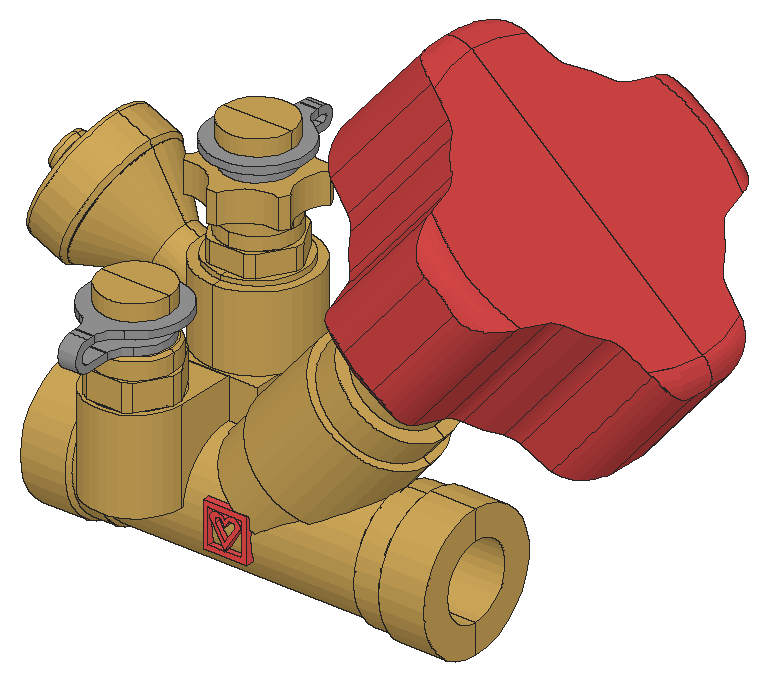
Revit family "Strangregulierventil mit Messblende 4017 ML", category Rohrzubehör, Revit 2019
Family settings
  Bemaßung runder Anschluss = Durchmesser verwenden
  Teiletyp = Unterbricht
  OmniClass-Nummer = 23.65.55.14
  OmniClass-Titel = Valves for Liquid Services
  Arbeitsebenenbasiert = Nein
  Immer vertikal = Ja
  Beim Laden mit Abzugskörper schneiden = Nein
  Gemeinsam genutzt = Nein
Parameters
  kvs-Wert [instance] = if(Nennweite = 15.000 mm, 2, if(Nennweite = 20.000 mm, 3.6, if(Nennweite = 25.000 mm, 6.5, if(Nennweite = 32.000 mm, 13.3, if(Nennweite = 40.000 mm, 18.5, if(Nennweite = 50.000 mm, 33, 0))))))  # 2
  kv-Wert der Blende [instance] = if(Nennweite = 15.000 mm, 1.95, if(Nennweite = 20.000 mm, 3.95, if(Nennweite = 25.000 mm, 7.9, if(Nennweite = 32.000 mm, 15.75, if(Nennweite = 40.000 mm, 21.5, if(Nennweite = 50.000 mm, 46.7, 0))))))  # 1.95
  W01 = 50.00°  # constant formula
  URL = "www.herz-armaturen.at"
  SW01 = 60.00°  # constant formula
  SCRNSEQ = "ARM;ARM_TYP=\"STRV\";2"
  SCRNCODE = "05;07;02"  # constant formula
  S03 = 60.000 mm  # constant formula
  S02 [instance] = L04 + L06 + L07  # 76.800 mm
  S01 [instance] = D01 * 2  # 27.000 mm
  R03 = 21.500 mm  # constant formula
  R02 = 9.500 mm  # constant formula
  R01 = 12.000 mm  # constant formula
  Medium = "Heizwasserqualität entsprechend ÖNORM H 5195 bzw. VDI-Richtlinie 2035"
  L10 [instance] = size_lookup("4017_ML_", "L10", 1.000 mm, Nennweite)  # 28.500 mm
  L09 [instance] = size_lookup("4017_ML_", "L9", 1.000 mm, Nennweite)  # 22.500 mm
  L08 [instance] = size_lookup("4017_ML_", "L8", 1.000 mm, Nennweite)  # 12.700 mm
  L07 [instance] = size_lookup("4017_ML_", "L7", 1.000 mm, Nennweite)  # 35.100 mm
  L06 [instance] = size_lookup("4017_ML_", "L6", 1.000 mm, Nennweite)  # 6.500 mm
  L05 [instance] = size_lookup("4017_ML_", "L5", 1.000 mm, Nennweite)  # 20.200 mm
  L04 [instance] = size_lookup("4017_ML_", "L4", 1.000 mm, Nennweite)  # 35.200 mm
  L03 [instance] = size_lookup("4017_ML_", "L3", 1.000 mm, Nennweite)  # 1.000 mm
  H03 [instance] = H01 - 19.000 mm  # 1.000 mm
  H02 = 13.000 mm  # constant formula
  Gehäuse = "entzinkungsbeständigem Messing"  # constant formula
  E01 [instance] = L00 / -2  # -41.500 mm
  E00 = 0.000 mm  # constant formula
  D09 [instance] = size_lookup("4017_ML_", "D9", 1.000 mm, Nennweite)  # 11.750 mm
  D08 [instance] = size_lookup("4017_ML_", "D8", 1.000 mm, Nennweite)  # 9.500 mm
  D07 [instance] = size_lookup("4017_ML_", "D7", 1.000 mm, Nennweite)  # 12.000 mm
  D06 [instance] = size_lookup("4017_ML_", "D6", 1.000 mm, Nennweite)  # 13.500 mm
  D05 [instance] = size_lookup("4017_ML_", "D5", 1.000 mm, Nennweite)  # 12.500 mm
  D04 [instance] = Nennweite / 2  # 7.500 mm
  IG [instance] = Nennweite / 2  # 7.500 mm
  D03 [instance] = size_lookup("4017_ML_", "D3", 1.000 mm, Nennweite)  # 11.900 mm
  D02 [instance] = size_lookup("4017_ML_", "D2", 1.000 mm, Nennweite)  # 12.700 mm
  D01 [instance] = size_lookup("4017_ML_", "D1", 1.000 mm, Nennweite)  # 13.500 mm
  Nennweite [instance] = 15.000 mm
  Max. Differenzdruck bei geschlossenen Sitz = 1000000.0 Pa  # constant formula
  Max. Betriebstemperatur = 130 °C  # constant formula
  Max. Betriebsdruck = 2000000.0 Pa  # constant formula
  L02 [instance] = size_lookup("4017_ML_", "L2", 1.000 mm, Nennweite)  # 5.000 mm
  L01 [instance] = size_lookup("4017_ML_", "L1", 1.000 mm, Nennweite)  # 9.250 mm
  L00 [instance] = size_lookup("4017_ML_", "L", 1.000 mm, Nennweite)  # 83.000 mm
  Hersteller = "HERZ Armaturen Ges.m.b.H."  # constant formula
  H01 [instance] = size_lookup("4017_ML_", "H1", 1.000 mm, Nennweite)  # 20.000 mm
  GT [instance] = size_lookup("4017_ML_", "GT", 1.000 mm, Nennweite)  # 13.200 mm
  DN50 [instance] = Nennweite = 50.000 mm  # no
  DN40 [instance] = Nennweite = 40.000 mm  # no
  DN32 [instance] = Nennweite = 32.000 mm  # no
  DN25 [instance] = Nennweite = 25.000 mm  # no
  DN20 [instance] = Nennweite = 20.000 mm  # no
  DN15 [instance] = Nennweite = 15.000 mm  # yes
  Bestellnummer [instance] = size_lookup("4017_ML_", "Artnr", 0, Nennweite)  # 1401731
  Ausführung = "STRÖMAX 4017 ML, Strangregulierventil mit Messblende und Impulsleitungsanschluss für Differenzdruckmessung in Schrägsitzform, mit Messventilen\r\nGelbe Ausführung aus entzinkungsbeständigen Messing, Muffe x Muffe, Spindelabdichtung mit Dreifach-O-Ring, Voreinstellung durch Hubbegrenzung, digitale Anzeige der Voreinstellstufe im Handradfenster."
  Anwendungsgebiet = "Zum hydraulischen Abgleich in Heiz- oder Kühlanlagen, Einregulieren von Verteilleitungen, Strängen, Wärmetauschern,\r\nHeiz- und Kühlregistern."
Reference planes
  plane 1 "Mitte (Vorne/hinten)": y = 0
  plane 2: z = 0
  plane 3 "Mitte (Links/rechts)": x = 0
Forms (mm)
  Revolve 1, solid, material "Messing, weicher Gelbton, geschweißt", detail levels fine
    sketch origin (470, 0, 0) x (1, 0, 0) y (0, 0, 1)
      loop
        line (-511.5, 7.5) -> (-498.3, 7.5) -> (-498.3, 0) -> (-441.7, 0) -> (-441.7, 7.5) -> (-428.5, 7.5) -> (-428.5, 13.5) -> (-437.75, 13.5) -> (-438.421, 12.7) -> (-443.421, 12.7) -> (-444.093, 11.9) -> (-495.907, 11.9) -> (-496.579, 12.7) -> (-501.579, 12.7) -> (-502.25, 13.5) -> (-511.5, 13.5) -> (-511.5, 7.5)
      axis (-511.5, 0) -> (-428.5, 0)
    angle from 0 to 360
  Revolve 2, solid, material "Messing, weicher Gelbton, geschweißt", detail levels fine
    sketch origin (0.32, 0, -0.105) x (1, 0, 0) y (0, 0, 1)
      loop
        line (-1.32, 0.105) -> (48.046, 58.937) -> (39.045, 66.49) -> (30.882, 56.761) -> (32.605, 55.315) -> (18.207, 38.155) -> (16.292, 39.762) -> (12.114, 34.783) -> (10.964, 35.747) -> (-2.02, 20.273) -> (-1.254, 19.63) -> (-7.652, 12.005) -> (-7.065, 4.926) -> (-1.32, 0.105)
      axis (-1.32, 0.105) -> (48.046, 58.937)
    angle from 0 to 360
  Extrusion 3, solid, material "Messing, weicher Gelbton, geschweißt", detail levels fine
    sketch origin (0, 0, 0) x (1, 0, 0) y (0, 1, 0)
      loop
        arc (-28.5, -12) -> (-19, -21.5) -> (-9.5, -12) r 9.5
        line (-9.5, -12) -> (-9.5, 0) -> (-28.5, 0) -> (-28.5, -12)
    from 1 <- "H03" to 20 <- "H01"
  Extrusion 4, solid, material "Messing, weicher Gelbton, geschweißt", detail levels fine
    sketch origin (0, 0, 0) x (1, 0, 0) y (0, 1, 0)
      loop
        line (-22.5, 12) -> (-22.5, 0) -> (-3.5, 0) -> (-3.5, 12)
        arc (-3.5, 12) -> (-13, 21.5) -> (-22.5, 12) r 9.5
    from 0 to 20 <- "H01"
  Extrusion 5, void
    sketch origin (0, 0, 0) x (1, 0, 0) y (0, 0, 1)
      loop
        line (55, 0) -> (80, 0) -> (80, 73) -> (55, 73) -> (55, 0)
    from 55 to -55
Cuts and joins
  Extrusion 5 cuts Revolve 2
Lines and regions (mm)
  model lines, detail levels coarse+medium
    curve 1: line (-41.5, 0, 13.5) -> (-41.5, 0, -13.5)
    curve 2: line (-41.5, 0, -13.5) -> (41.5, 0, 13.5)
    curve 3: line (41.5, 0, 13.5) -> (41.5, 0, -13.5)
    curve 4: line (41.5, 0, -13.5) -> (-41.5, 0, 13.5)
    curve 5: line (0, 0, 0) -> (38.4, 0, 66.511)
    curve 6: line (12.419, 0, 81.511) -> (64.381, 0, 51.511)
    curve 7: line (-41.5, -13.5, 0) -> (-41.5, 13.5, 0)
    curve 8: line (-41.5, 13.5, 0) -> (41.5, -13.5, 0)
    curve 9: line (41.5, -13.5, 0) -> (41.5, 13.5, 0)
    curve 10: line (41.5, 13.5, 0) -> (-41.5, -13.5, 0)
    curve 11: line (0, 0, 0) -> (38.4, 66.511, 0)
    curve 12: line (12.419, 81.511, 0) -> (64.381, 51.511, 0)
Dimensions and locks
  "L00": Revolve 1 sketch curve to Revolve 1 sketch curve
  equal spacing: Revolve 1 sketch curve, plane 3 "Mitte (Links/rechts)", Revolve 1 sketch curve
  "D01": Revolve 1 sketch curve to Revolve 1 sketch curve  (x2)
  "GT": Revolve 1 sketch curve to Revolve 1 sketch curve  (x2)
  "D06": Revolve 2 sketch curve to Revolve 2 sketch curve
  "D07": Revolve 2 sketch curve to Revolve 2 sketch curve
  "D08": Revolve 2 sketch curve to Revolve 2 sketch curve
  "D09": Revolve 2 sketch curve to Revolve 2 sketch curve
  equal spacing: curve 1, plane 3 "Mitte (Links/rechts)", curve 3
  "L00": curve 1 to curve 3
  equal spacing: curve 4, plane 2, curve 2
  "S01": curve 4 to curve 1
  "S01": curve 3 to curve 4
  equal spacing: curve 3, plane 2, curve 4
  "S02": curve 5 to curve 5
  equal spacing: curve 6, curve 5, curve 6
  "S03": curve 6 to curve 6
  equal spacing: curve 7, plane 3 "Mitte (Links/rechts)", curve 9
  "L00": curve 7 to curve 9
  equal spacing: curve 10, plane 1 "Mitte (Vorne/hinten)", curve 8
  "S01": curve 8 to curve 10
  equal spacing: curve 9, plane 1 "Mitte (Vorne/hinten)", curve 10
  "S01": curve 10 to curve 9
  "S02": curve 11 to curve 11
  equal spacing: curve 12, curve 11, curve 12
  "S03": curve 12 to curve 12
  "L01": Revolve 1 sketch curve to Revolve 1 sketch curve  (x2)
  "D02": Revolve 1 sketch curve to plane 2  (x2)
  "D03": Revolve 1 sketch curve to plane 2
  "IG": Revolve 1 sketch curve to plane 2  (x2)
  "L02": Revolve 1 sketch curve to Revolve 1 sketch curve  (x2)
  "L04": Revolve 2 sketch curve to Revolve 2 sketch curve
  "L05": Revolve 2 sketch curve to Revolve 2 sketch curve
  "D03": Revolve 2 sketch curve to plane 2
  "L06": Revolve 2 sketch curve to Revolve 2 sketch curve
  "L08": Revolve 2 sketch curve to Revolve 2 sketch curve
  "L07": Revolve 2 sketch curve to Revolve 2 sketch curve
  "D04": Revolve 2 sketch curve to Revolve 2 sketch curve
  "D05": Revolve 2 sketch curve to Revolve 2 sketch curve
  "L03": plane 3 "Mitte (Links/rechts)" to Revolve 2 sketch curve  (x2)
  "D03": nested 1 to plane 1 "Mitte (Vorne/hinten)"
  "L09": Revolve 1 to Extrusion 3 sketch curve
  "R01": Extrusion 3 sketch curve to plane 1 "Mitte (Vorne/hinten)"
  "R01": plane 1 "Mitte (Vorne/hinten)" to Extrusion 4 sketch curve
  "L10": Revolve 1 to Extrusion 4 sketch curve
  "H01": nested 2 to plane 2
  "R01": nested 2 to plane 1 "Mitte (Vorne/hinten)"
  "L09": Revolve 1 to nested 2
  Extrusion 5 sketch curve to plane 3 "Mitte (Links/rechts)" = 55.000 mm
  Extrusion 5 sketch curve to Extrusion 5 sketch curve = 25.000 mm
  Extrusion 5 sketch curve to plane 2 = 73.000 mm
  "L10": Revolve 1 to nested 9
  "R01": plane 1 "Mitte (Vorne/hinten)" to nested 9
  "H01": nested 9 to plane 2
  "R02": radius of Extrusion 3 sketch curve
  "R02": radius of Extrusion 4 sketch curve
  "W01": angle level to Revolve 2 sketch curve
  "SW01": angle plane 2 to curve 5
  "SW01": angle plane 1 "Mitte (Vorne/hinten)" to curve 11
  "W01": angle Revolve 1 sketch curve to Revolve 1 sketch curve  (x4)
  "W01": angle plane 2 to Revolve 2 sketch curve
  aligned and locked: level to plane 2
Automatic sketch dimensions
  Extrusion 5 sketch curve to level = 0.000 mm
  curve 5 to level = 0.000 mm
  plane 1 "Mitte (Vorne/hinten)" to curve 11 = 0.000 mm
  Revolve 1 sketch curve to level = 0.000 mm  (x2)
  Revolve 1 sketch curve to Revolve 1 sketch curve = 791.990 mm
  Revolve 1 sketch curve to Revolve 1 sketch curve = 2278.983 mm
  Revolve 2 sketch curve to level = 0.000 mm  (x2)
  plane 1 "Mitte (Vorne/hinten)" to Extrusion 3 sketch curve = 0.000 mm
  plane 1 "Mitte (Vorne/hinten)" to Extrusion 4 sketch curve = 0.000 mm
Nested families
  nested 1: "Herz-Logo-vorne" at (0, -11.9, 0) x (0, 1, 0) z (0, 0, 1), type "Herz-Logo-vorne", detail levels fine
  nested 2: "Messstutzen_Band_Eintritt_senkrecht_(oben)" at (-19, -12, 2.5) x (-1, 0, 0) z (0, 0, 1), type "Messstutzen_Band_Eintritt_senkrecht_(oben)", detail levels fine
    with Schutzkappe yes, Nennweite 0.000 mm, Gewicht 0.00 kg, Bestellnummer 0
  nested 3: "Strangregulierventil-Handrad (Rot) DN15-DN32" at (48.366, 0, 58.832), visible <- "DN15", type "Strangregulierventil-Handrad (Rot) DN15-DN32"
    with Nennweite 0.000 mm, Gewicht 0.00 kg, Bestellnummer 0
  nested 4: "Strangregulierventil-Handrad (Rot) DN15-DN32" at (50.13, 0, 62.126), visible <- "DN20", type "Strangregulierventil-Handrad (Rot) DN15-DN32"
    with Nennweite 0.000 mm, Gewicht 0.00 kg, Bestellnummer 0
  nested 5: "Strangregulierventil-Handrad (Rot) DN15-DN32" at (55.886, 0, 73.157), visible <- "DN25", type "Strangregulierventil-Handrad (Rot) DN15-DN32"
    with Nennweite 0.000 mm, Gewicht 0.00 kg, Bestellnummer 0
  nested 6: "Strangregulierventil-Handrad (Rot) DN15-DN32" at (60.493, 0, 82.58), visible <- "DN32", type "Strangregulierventil-Handrad (Rot) DN15-DN32"
    with Nennweite 0.000 mm, Gewicht 0.00 kg, Bestellnummer 0
  nested 7: "Strangregulierventil-Handrad (Rot) DN40-DN50" at (68.72, 0, 95.602), visible <- "DN40", type "Strangregulierventil-Handrad (Rot) DN40-DN50"
    with Nennweite 0.000 mm, Gewicht 0.00 kg, Bestellnummer 0
  nested 8: "Strangregulierventil-Handrad (Rot) DN40-DN50" at (66.762, 0, 99.586), visible <- "DN50", type "Strangregulierventil-Handrad (Rot) DN40-DN50"
    with Nennweite 0.000 mm, Gewicht 0.00 kg, Bestellnummer 0
  nested 9: "Messstutzen_Band-KFE_Austritt_senkrecht_(oben)" at (-13, 12, 24.41), type "Messstutzen_Band-KFE_Austritt_senkrecht_(oben)", detail levels fine
    with Schutzkappe yes, Nennweite 0.000 mm, Gewicht 0.00 kg, Bestellnummer 0
Connectors
  piping at (-28.3, 0, 0), diameter 15, driven by "Nennweite"
    settings: on Revolve 1, index 1, connector inside diameter 609.6 mm, connector length 0.000 mm, flow factor 0, pipe flow 0.0 L/s, pressure drop 0.0 Pa, fitting loss kfactor 0, connector angle 0.00°, fixture units 0, engagement length 0.000 mm, angle of deflection 0.00°, flow configuration 0, flow direction 1, fitting loss method 0, system type 29, joint type 0, gender type 0, connector reference index -1, connector utility 0, adjustable connector no, is connector primary yes, connector description ""
  piping at (28.3, 0, 0), diameter 15, driven by "Nennweite"
    settings: on Revolve 1, index 2, connector inside diameter 609.6 mm, connector length 0.000 mm, flow factor 0, pipe flow 0.0 L/s, pressure drop 0.0 Pa, fitting loss kfactor 0, connector angle 0.00°, fixture units 0, engagement length 0.000 mm, angle of deflection 0.00°, flow configuration 0, flow direction 2, fitting loss method 0, system type 29, joint type 0, gender type 0, connector reference index -1, connector utility 0, adjustable connector no, is connector primary no, connector description ""
Definition of nested family "Herz-Logo-vorne"
  Reference planes
    plane 1 "Mitte (Vorne/hinten)": y = 0
    plane 2: z = 0
    plane 3 "Mitte (Links/rechts)": x = 0
  Forms (mm)
    Extrusion 1, solid
      sketch origin (0.732, -0.018, 0.017) x (0, -1, 0) y (0, 0, 1)
        loop
          line (-0.018, -4.517) -> (4.482, -4.517) -> (4.482, 4.483) -> (-4.518, 4.483) -> (-4.518, -4.517) -> (-0.018, -4.517)
        loop
          line (-0.05, -3.48) -> (3.482, -3.48) -> (3.482, 3.483) -> (-3.518, 3.483) -> (-3.518, -3.48) -> (-0.05, -3.48)
        loop
          arc (-0.018, 2.383) -> (-1.543, 3.287) -> (-3.067, 2.383) r 1.738
          arc (-3.067, 2.383) -> (-3.191, 1.899) -> (-3.067, 1.415) r 1.009
          line (-3.067, 1.415) -> (-0.018, -3.281) -> (3.032, 1.415)
          arc (3.032, 1.415) -> (3.156, 1.899) -> (3.032, 2.383) r 1.009
          arc (3.032, 2.383) -> (1.507, 3.287) -> (-0.018, 2.383) r 1.738
        loop
          arc (1.885, 1.272) -> (2.005, 1.675) -> (1.885, 2.079) r 0.74
          arc (1.885, 2.079) -> (1.265, 2.416) -> (0.644, 2.079) r 0.74
          line (0.644, 2.079) -> (-0.018, 0.97) -> (-0.679, 2.079)
          arc (-0.679, 2.079) -> (-1.3, 2.416) -> (-1.921, 2.079) r 0.74
          arc (-1.921, 2.079) -> (-2.04, 1.675) -> (-1.921, 1.272) r 0.74
          line (-1.921, 1.272) -> (-0.018, -1.658) -> (1.885, 1.272)
      from 0 to 1.5
  Dimensions and locks
    aligned and locked: level to plane 2
Definition of nested family "Messstutzen_Band_Eintritt_senkrecht_(oben)"
  Parameters (values of type "Messstutzen_Band_Eintritt_senkrecht_(oben)")
    URL = "www.herz-armaturen.at"
    Schutzkappe [instance] = yes
    Nennweite [instance] = 0.000 mm
    Manufacturer = "Herz Armaturen GmbH"  # constant formula
    Gewicht [instance] = 0.00 kg
    Bestellnummer [instance] = 0
  Reference planes
    plane 1 "Mitte (Vorne/hinten)": y = 0
    plane 2: z = 0
    plane 3 "Mitte (Links/rechts)": x = 0
    plane 4 "Schlaufe 1": z = -27
    plane 5 "Schlaufe 2": z = -31.678
  Forms (mm)
    Revolve 1, solid, detail levels fine
      sketch origin (0, 0, 0) x (1, 0, 0) y (0, 0, 1)
        loop
          line (-7.4, 9) -> (-5.55, 9) -> (-5.55, 6)
          arc (-5.55, 6) -> (-5.626, 5.617) -> (-5.843, 5.293) r 1
          line (-5.843, 5.293) -> (-6.455, 4.681) -> (-6.455, 0.9) -> (-5.555, 0) -> (-2, 0) -> (-2, 17.5) -> (-8.4, 17.5)
          arc (-8.4, 17.5) -> (-7.693, 17.207) -> (-7.4, 16.5) r 1
          line (-7.4, 16.5) -> (-7.4, 9)
        loop
          line (-3.7, 27) -> (-7.3, 27) -> (-7.9, 26.4) -> (-7.9, 23) -> (-2, 23) -> (-2, 35.8) -> (-3.805, 35.8) -> (-4.415, 35.19) -> (-4.415, 30.863) -> (-3.7, 30.45) -> (-3.7, 27)
        axis (0, 0) -> (0, 35.8)
      angle from 0 to 360
    Extrusion 2, solid, detail levels fine
      sketch origin (0, 0, 17.5) x (0, 1, 0) y (-1, 0, 0)
        loop
          arc (-7.07, 5.156) -> (-7.578, 4.375) -> (-8, 3.544) r 8.75
          line (-8, 3.544) -> (-8, -3.544)
          arc (-8, -3.544) -> (-7.578, -4.375) -> (-7.07, -5.156) r 8.75
          line (-7.07, -5.156) -> (-0.93, -8.7)
          arc (-0.93, -8.7) -> (0, -8.75) -> (0.93, -8.7) r 8.75
          line (0.93, -8.7) -> (7.07, -5.156)
          arc (7.07, -5.156) -> (7.578, -4.375) -> (8, -3.544) r 8.75
          line (8, -3.544) -> (8, 3.544)
          arc (8, 3.544) -> (7.578, 4.375) -> (7.07, 5.156) r 8.75
          line (7.07, 5.156) -> (0.93, 8.7)
          arc (0.93, 8.7) -> (0, 8.75) -> (-0.93, 8.7) r 8.75
          line (-0.93, 8.7) -> (-7.07, 5.156)
      from 0 to 5.5
    Revolve 3, solid, visible <- "Schutzkappe", detail levels fine
      sketch origin (0, 0, 0) x (1, 0, 0) y (0, 0, 1)
        loop
          line (0, 35.878) -> (0, 36.678) -> (-7, 36.678) -> (-7, 33.378) -> (-6.1, 33.378) -> (-6.1, 31.678) -> (-6.9, 31.678) -> (-6.9, 30.178) -> (-4.415, 30.178) -> (-4.415, 35.268) -> (-3.805, 35.878) -> (0, 35.878)
        axis (0, 30.178) -> (0, 36.678)
      angle from 0 to 360
    Extrusion 4, solid, detail levels fine
      sketch origin (0, 0, 28.5) x (1, 0, 0) y (0, 1, 0)
        loop
          circle (0, 0) r 3.7
        loop
          arc (-3.906, 5.505) -> (0, -6.75) -> (3.906, 5.505) r 6.75
          arc (3.906, 5.505) -> (2.358, 7.288) -> (1.8, 9.582) r 5
          line (1.8, 9.582) -> (-1.8, 9.582)
          arc (-1.8, 9.582) -> (-2.358, 7.288) -> (-3.906, 5.505) r 5
      from 0 to -1.5
    Extrusion 5, solid, detail levels fine
      sketch origin (0, 0, 33.178) x (1, 0, 0) y (0, 1, 0)
        loop
          circle (0, 0) r 6.1
        loop
          arc (-4.495, 8.652) -> (0, -9.75) -> (4.495, 8.652) r 9.75
          arc (4.495, 8.652) -> (2.527, 10.493) -> (1.8, 13.089) r 5
          line (1.8, 13.089) -> (-1.8, 13.089)
          arc (-1.8, 13.089) -> (-2.527, 10.493) -> (-4.495, 8.652) r 5
      from 0 to -1.5
    Sweep 6, solid, detail levels fine
      path origin (0, 0, 0) x (0, 0, -1) y (0, -1, 0)
        loop
          line (-27.75, -9.582) -> (-27.75, -14.522)
          arc (-27.75, -14.522) -> (-30.089, -16.862) -> (-32.428, -14.522) r 2.339
          line (-32.428, -14.522) -> (-32.428, -13.089)
      profile origin (0, 12.052, 27.75) x (0, 0, 1) y (1, 0, 0)
        loop
          line (-0.75, -1.8) -> (0.75, -1.8) -> (0.75, 1.8) -> (-0.75, 1.8) -> (-0.75, -1.8)
  Dimensions and locks
    aligned and locked: level to plane 2
Definition of nested family "Strangregulierventil-Handrad (Rot) DN15-DN32"
  Parameters (values of type "Strangregulierventil-Handrad (Rot) DN15-DN32")
    URL = "www.herz-armaturen.at"
    Nennweite [instance] = 0.000 mm
    Manufacturer = "Herz Armaturen GmbH"  # constant formula
    Gewicht [instance] = 0.00 kg
    Bestellnummer [instance] = 0
  Reference planes
    plane 1 "Mitte (Vorne/hinten)": y = 0
    plane 2: z = 0
    plane 3 "Mitte (Links/rechts)": x = 0
  Forms (mm)
    Revolve 1, solid, detail levels fine
      sketch origin (0, 0, 0) x (0.766044, 0, -0.642788) y (0.642788, 0, 0.766044)
        loop
          line (0, 0) -> (0, 24.95) -> (-30.992, 24.95)
          arc (-30.992, 24.95) -> (-34.37, 23.636) -> (-35.973, 20.386) r 5
          line (-35.973, 20.386) -> (-37, 8.65) -> (-35.986, -2.936)
          arc (-35.986, -2.936) -> (-34.383, -6.186) -> (-31.005, -7.5) r 5
          line (-31.005, -7.5) -> (-15, -7.5) -> (-15, 0) -> (0, 0)
        axis (0, 24.95) -> (0, -7.5)
      angle from 0 to 360
    Extrusion 2, void
      sketch origin (13.049, 0, 15.551) x (0.766044, 0, -0.642788) y (0, 1, 0)
        loop
          line (3.861, 35.5) -> (-3.861, 35.5)
          arc (-3.861, 35.5) -> (-8.731, 33.847) -> (-11.589, 29.571) r 8
          line (-11.589, 29.571) -> (-13.284, 23.245)
          arc (-13.284, 23.245) -> (-13.982, 21.722) -> (-15.144, 20.516) r 5
          arc (-15.144, 20.516) -> (-18.031, 18.031) -> (-20.516, 15.144) r 25.5
          arc (-20.516, 15.144) -> (-21.722, 13.982) -> (-23.245, 13.284) r 5
          line (-23.245, 13.284) -> (-29.571, 11.589)
          arc (-29.571, 11.589) -> (-33.847, 8.731) -> (-35.5, 3.861) r 8
          line (-35.5, 3.861) -> (-35.5, -3.861)
          arc (-35.5, -3.861) -> (-33.847, -8.731) -> (-29.571, -11.589) r 8
          line (-29.571, -11.589) -> (-23.245, -13.284)
          arc (-23.245, -13.284) -> (-21.722, -13.982) -> (-20.516, -15.144) r 5
          arc (-20.516, -15.144) -> (-18.031, -18.031) -> (-15.144, -20.516) r 25.5
          arc (-15.144, -20.516) -> (-13.982, -21.722) -> (-13.284, -23.245) r 5
          line (-13.284, -23.245) -> (-11.589, -29.571)
          arc (-11.589, -29.571) -> (-8.731, -33.847) -> (-3.861, -35.5) r 8
          line (-3.861, -35.5) -> (3.861, -35.5)
          arc (3.861, -35.5) -> (8.731, -33.847) -> (11.589, -29.571) r 8
          line (11.589, -29.571) -> (13.284, -23.245)
          arc (13.284, -23.245) -> (13.982, -21.722) -> (15.144, -20.516) r 5
          arc (15.144, -20.516) -> (18.031, -18.031) -> (20.516, -15.144) r 25.5
          arc (20.516, -15.144) -> (21.722, -13.982) -> (23.245, -13.284) r 5
          line (23.245, -13.284) -> (29.571, -11.589)
          arc (29.571, -11.589) -> (33.847, -8.731) -> (35.5, -3.861) r 8
          line (35.5, -3.861) -> (35.5, 3.861)
          arc (35.5, 3.861) -> (33.847, 8.731) -> (29.571, 11.589) r 8
          line (29.571, 11.589) -> (23.245, 13.284)
          arc (23.245, 13.284) -> (21.722, 13.982) -> (20.516, 15.144) r 5
          arc (20.516, 15.144) -> (18.031, 18.031) -> (15.144, 20.516) r 25.5
          arc (15.144, 20.516) -> (13.982, 21.722) -> (13.284, 23.245) r 5
          line (13.284, 23.245) -> (11.589, 29.571)
          arc (11.589, 29.571) -> (8.731, 33.847) -> (3.861, 35.5) r 8
        loop
          circle (0, 0) r 38
      from -31.266 to 7.923
  Cuts and joins
    Extrusion 2 cuts Revolve 1
  Dimensions and locks
    Revolve 1 sketch curve to Revolve 1 sketch curve = 15.000 mm
    Revolve 1 sketch curve to Revolve 1 sketch curve = 16.150 mm
    Revolve 1 sketch curve to Revolve 1 sketch curve = 16.300 mm
    angle Revolve 1 sketch curve to Revolve 1 sketch curve = 95.00°
    aligned and locked: level to plane 2
Definition of nested family "Strangregulierventil-Handrad (Rot) DN40-DN50"
  Parameters (values of type "Strangregulierventil-Handrad (Rot) DN40-DN50")
    URL = "www.herz-armaturen.at"
    Nennweite [instance] = 0.000 mm
    Manufacturer = "Herz Armaturen GmbH"  # constant formula
    Gewicht [instance] = 0.00 kg
    Bestellnummer [instance] = 0
  Reference planes
    plane 1 "Mitte (Vorne/hinten)": y = 0
    plane 2: z = 0
    plane 3 "Mitte (Links/rechts)": x = 0
  Forms (mm)
    Revolve 1, solid, detail levels fine
      sketch origin (0, 0, 0) x (0.766044, 0, -0.642788) y (0.642788, 0, 0.766044)
        loop
          line (0, 0) -> (0, 24.95) -> (-50.992, 24.95)
          arc (-50.992, 24.95) -> (-54.37, 23.636) -> (-55.973, 20.386) r 5
          line (-55.973, 20.386) -> (-57, 8.65) -> (-55.986, -2.936)
          arc (-55.986, -2.936) -> (-54.383, -6.186) -> (-51.005, -7.5) r 5
          line (-51.005, -7.5) -> (-15, -7.5) -> (-15, 0) -> (0, 0)
        axis (0, 24.95) -> (0, -7.5)
      angle from 0 to 360
    Extrusion 2, void
      sketch origin (13.049, 0, 15.551) x (0.766044, 0, -0.642788) y (0, 1, 0)
        loop
          line (-55, 6.292) -> (-55, -6.292)
          arc (-55, -6.292) -> (-52.52, -13.597) -> (-46.106, -17.883) r 12
          line (-46.106, -17.883) -> (-35.399, -20.752)
          arc (-35.399, -20.752) -> (-33.541, -21.612) -> (-32.08, -23.047) r 6
          arc (-32.08, -23.047) -> (-27.931, -27.931) -> (-23.047, -32.08) r 39.5
          arc (-23.047, -32.08) -> (-21.612, -33.541) -> (-20.752, -35.399) r 6
          line (-20.752, -35.399) -> (-17.883, -46.106)
          arc (-17.883, -46.106) -> (-13.597, -52.52) -> (-6.292, -55) r 12
          line (-6.292, -55) -> (6.292, -55)
          arc (6.292, -55) -> (13.597, -52.52) -> (17.883, -46.106) r 12
          line (17.883, -46.106) -> (20.752, -35.399)
          arc (20.752, -35.399) -> (21.612, -33.541) -> (23.047, -32.08) r 6
          arc (23.047, -32.08) -> (27.931, -27.931) -> (32.08, -23.047) r 39.5
          arc (32.08, -23.047) -> (33.541, -21.612) -> (35.399, -20.752) r 6
          line (35.399, -20.752) -> (46.106, -17.883)
          arc (46.106, -17.883) -> (52.52, -13.597) -> (55, -6.292) r 12
          line (55, -6.292) -> (55, 6.292)
          arc (55, 6.292) -> (52.52, 13.597) -> (46.106, 17.883) r 12
          line (46.106, 17.883) -> (35.399, 20.752)
          arc (35.399, 20.752) -> (33.541, 21.612) -> (32.08, 23.047) r 6
          arc (32.08, 23.047) -> (27.931, 27.931) -> (23.047, 32.08) r 39.5
          arc (23.047, 32.08) -> (21.612, 33.541) -> (20.752, 35.399) r 6
          line (20.752, 35.399) -> (17.883, 46.106)
          arc (17.883, 46.106) -> (13.597, 52.52) -> (6.292, 55) r 12
          line (6.292, 55) -> (-6.292, 55)
          arc (-6.292, 55) -> (-13.597, 52.52) -> (-17.883, 46.106) r 12
          line (-17.883, 46.106) -> (-20.752, 35.399)
          arc (-20.752, 35.399) -> (-21.612, 33.541) -> (-23.047, 32.08) r 6
          arc (-23.047, 32.08) -> (-27.931, 27.931) -> (-32.08, 23.047) r 39.5
          arc (-32.08, 23.047) -> (-33.541, 21.612) -> (-35.399, 20.752) r 6
          line (-35.399, 20.752) -> (-46.106, 17.883)
          arc (-46.106, 17.883) -> (-52.52, 13.597) -> (-55, 6.292) r 12
        loop
          circle (0, 0) r 60
      from -31.161 to 7.489
  Cuts and joins
    Extrusion 2 cuts Revolve 1
  Dimensions and locks
    Revolve 1 sketch curve to Revolve 1 sketch curve = 15.000 mm
    Revolve 1 sketch curve to Revolve 1 sketch curve = 16.150 mm
    Revolve 1 sketch curve to Revolve 1 sketch curve = 16.300 mm
    Revolve 1 sketch curve to Revolve 1 sketch curve = 57.000 mm
    angle Revolve 1 sketch curve to Revolve 1 sketch curve = 95.00°
    aligned and locked: level to plane 2
Definition of nested family "Messstutzen_Band-KFE_Austritt_senkrecht_(oben)"
  Parameters (values of type "Messstutzen_Band-KFE_Austritt_senkrecht_(oben)")
    URL = "www.herz-armaturen.at"
    Schutzkappe [instance] = yes
    Nennweite [instance] = 0.000 mm
    Manufacturer = "Herz Armaturen GmbH"  # constant formula
    Gewicht [instance] = 0.00 kg
    Bestellnummer [instance] = 0
  Reference planes
    plane 1 "Mitte (Vorne/hinten)": y = 0
    plane 2: z = 0
    plane 3 "Mitte (Links/rechts)": x = 0
  Forms (mm)
    Revolve 1, solid, detail levels fine
      sketch origin (0, 0, 0) x (1, 0, 0) y (0, 0, 1)
        loop
          line (-7.4, 9) -> (-5.55, 9) -> (-5.55, 6)
          arc (-5.55, 6) -> (-5.626, 5.617) -> (-5.843, 5.293) r 1
          line (-5.843, 5.293) -> (-6.455, 4.681) -> (-6.455, 0.9) -> (-5.555, 0) -> (-2, 0) -> (-2, 23) -> (-2, 35.8) -> (-3.805, 35.8) -> (-4.415, 35.19) -> (-4.415, 30.863) -> (-3.7, 30.45) -> (-3.7, 27) -> (-7.4, 27) -> (-7.4, 9)
        axis (0, 0) -> (0, 35.8)
      angle from 0 to 360
    Extrusion 2, solid, detail levels fine
      sketch origin (0, 0, 17.5) x (0, 1, 0) y (-1, 0, 0)
        loop
          arc (-7.07, 5.156) -> (-7.578, 4.375) -> (-8, 3.544) r 8.75
          line (-8, 3.544) -> (-8, -3.544)
          arc (-8, -3.544) -> (-7.578, -4.375) -> (-7.07, -5.156) r 8.75
          line (-7.07, -5.156) -> (-0.93, -8.7)
          arc (-0.93, -8.7) -> (0, -8.75) -> (0.93, -8.7) r 8.75
          line (0.93, -8.7) -> (7.07, -5.156)
          arc (7.07, -5.156) -> (7.578, -4.375) -> (8, -3.544) r 8.75
          line (8, -3.544) -> (8, 3.544)
          arc (8, 3.544) -> (7.578, 4.375) -> (7.07, 5.156) r 8.75
          line (7.07, 5.156) -> (0.93, 8.7)
          arc (0.93, 8.7) -> (0, 8.75) -> (-0.93, 8.7) r 8.75
          line (-0.93, 8.7) -> (-7.07, 5.156)
      from -5.51 to -1.21
    Revolve 3, solid, visible <- "Schutzkappe", detail levels fine
      sketch origin (0, 0, 0) x (1, 0, 0) y (0, 0, 1)
        loop
          line (0, 35.878) -> (0, 36.678) -> (-7, 36.678) -> (-7, 33.378) -> (-6.1, 33.378) -> (-6.1, 31.678) -> (-6.9, 31.678) -> (-6.9, 30.178) -> (-4.415, 30.178) -> (-4.415, 35.268) -> (-3.805, 35.878) -> (0, 35.878)
        axis (0, 30.178) -> (0, 36.678)
      angle from 0 to 360
    Extrusion 4, solid, detail levels fine
      sketch origin (0, 0, 30) x (1, 0, 0) y (0, 1, 0)
        loop
          circle (0, 0) r 3.7
        loop
          arc (-3.906, 5.505) -> (0, -6.75) -> (3.906, 5.505) r 6.75
          arc (3.906, 5.505) -> (2.358, 7.288) -> (1.8, 9.582) r 5
          line (1.8, 9.582) -> (-1.8, 9.582)
          arc (-1.8, 9.582) -> (-2.358, 7.288) -> (-3.906, 5.505) r 5
      from 0 to -1.5
    Extrusion 5, solid, detail levels fine
      sketch origin (0, 0, 33.178) x (1, 0, 0) y (0, 1, 0)
        loop
          circle (0, 0) r 6.1
        loop
          arc (-4.495, 8.652) -> (0, -9.75) -> (4.495, 8.652) r 9.75
          arc (4.495, 8.652) -> (2.527, 10.493) -> (1.8, 13.089) r 5
          line (1.8, 13.089) -> (-1.8, 13.089)
          arc (-1.8, 13.089) -> (-2.527, 10.493) -> (-4.495, 8.652) r 5
      from 0 to -1.5
    Sweep 6, solid, detail levels fine
      path origin (0, 0, 0) x (0, 0, -1) y (0, -1, 0)
        loop
          line (-29.25, -9.582) -> (-29.25, -14.522)
          arc (-29.25, -14.522) -> (-30.839, -16.112) -> (-32.428, -14.522) r 1.589
          line (-32.428, -14.522) -> (-32.428, -13.089)
      profile origin (0, 12.052, 29.25) x (0, 0, 1) y (1, 0, 0)
        loop
          line (-0.75, -1.8) -> (0.75, -1.8) -> (0.75, 1.8) -> (-0.75, 1.8) -> (-0.75, -1.8)
    Extrusion 7, solid, detail levels fine
      sketch origin (-101.196, 0, 0) x (1, 0, 0) y (0, 1, 0)
        loop
          arc (112.053, 5.113) -> (111.589, 6) -> (111.053, 6.845) r 12
          arc (111.053, 6.845) -> (105.696, 7.794) -> (102.196, 11.958) r 7.971
          arc (102.196, 11.958) -> (101.196, 12) -> (100.196, 11.958) r 12
          arc (100.196, 11.958) -> (96.696, 7.794) -> (91.34, 6.845) r 7.971
          arc (91.34, 6.845) -> (90.804, 6) -> (90.34, 5.113) r 12
          arc (90.34, 5.113) -> (92.196, 0) -> (90.34, -5.113) r 7.971
          arc (90.34, -5.113) -> (90.804, -6) -> (91.34, -6.845) r 12
          arc (91.34, -6.845) -> (96.696, -7.794) -> (100.196, -11.958) r 7.971
          arc (100.196, -11.958) -> (101.196, -12) -> (102.196, -11.958) r 12
          arc (102.196, -11.958) -> (105.696, -7.794) -> (111.053, -6.845) r 7.971
          arc (111.053, -6.845) -> (111.589, -6) -> (112.053, -5.113) r 12
          arc (112.053, -5.113) -> (110.196, 0) -> (112.053, 5.113) r 7.971
      from 22.3 to 28.5
    Revolve 8, solid, detail levels fine
      sketch origin (0, 43.374, -20) x (0, 1, 0) y (0, 0, 1)
        loop
          line (-43.374, 0) -> (-37.874, 0) -> (-36.774, 1.1) -> (-36.774, 4.9) -> (-37.874, 6) -> (-37.874, 8.4) -> (-36.424, 8.4) -> (-36.424, 9.2) -> (-34.424, 9.2) -> (-34.424, 15.59) -> (-31.874, 15.59) -> (-31.874, 30.99) -> (-33.874, 30.99) -> (-33.874, 31.99) -> (-43.374, 31.99) -> (-43.374, 0)
        loop
          line (-43.374, 39) -> (-43.374, 36.29) -> (-35.874, 36.29) -> (-35.874, 39) -> (-43.374, 39)
        axis (-43.374, 39) -> (-43.374, 0)
      angle from 0 to 360
    Revolve 9, solid, detail levels fine
      sketch origin (0, 0, 0) x (-1, 0, 0) y (0, 0, 1)
        loop
          line (0, -1.01) -> (32.627, 14.204) -> (27.556, 25.08) -> (25.934, 25.67) -> (21.602, 23.65) -> (14.873, 11.994) -> (-2.324, 3.975) -> (0, -1.01)
        axis (32.627, 14.204) -> (0, -1.01)
      angle from 0 to 360
    Revolve 10, solid, detail levels fine
      sketch origin (-51.188, 0, -39.797) x (-0.422618, 0, -0.906308) y (-0.906308, 0, 0.422618)
        loop
          line (-56.786, 8) -> (-45.747, 8) -> (-45.747, 0) -> (-43.834, 0) -> (-42.786, 1.048) -> (-42.786, 8.048)
          arc (-42.786, 8.048) -> (-43.065, 8.721) -> (-43.738, 9) r 0.952
          line (-43.738, 9) -> (-52.974, 9)
          arc (-52.974, 9) -> (-53.548, 9.238) -> (-53.786, 9.812) r 0.812
          line (-53.786, 9.812) -> (-53.786, 12) -> (-52.786, 12) -> (-52.786, 13.03)
          arc (-52.786, 13.03) -> (-53.07, 13.716) -> (-53.756, 14) r 0.97
          line (-53.756, 14) -> (-56.786, 14) -> (-56.786, 8)
        axis (-56.786, 14) -> (-56.786, 0)
      angle from 0 to 360
  Dimensions and locks
    aligned and locked: level to plane 2
